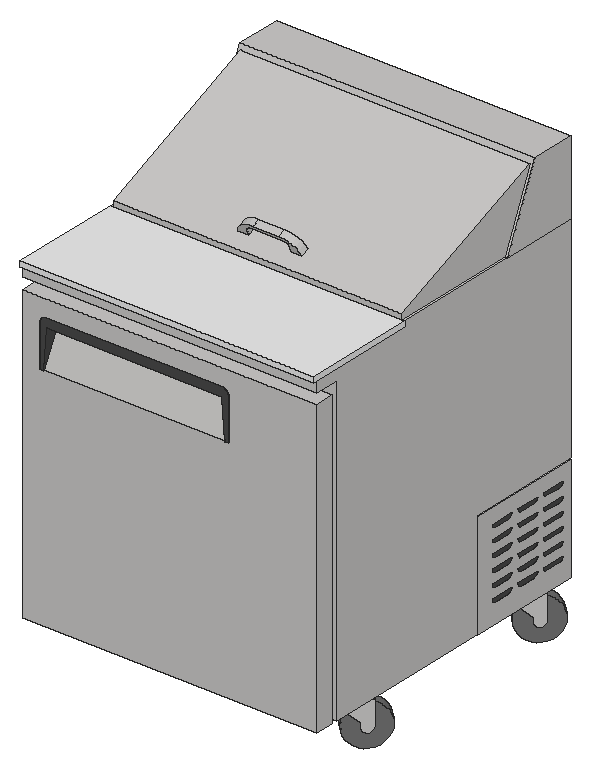
Revit family "QF_Turbo Air_MST-28b4a114b1-94aa-4615-a2e3-219784197c7b", category Specialty Equipment, Revit 2012
Parameters
  Weight in Pounds = 198
  Watermarked By = "http://revitwatermark.com"
  Volts = 115 V
  URL Cutsheet = ""
  URL = "www.turboairinc.com"
  Status [instance] = ""
  Specification by User [instance] = ""
  Specification by Manufacturer [instance] = ""
  Serial Number [instance] = ""
  Revision Code [instance] = ""
  Phase = 1
  Number of Poles [instance] = 1
  NAFEM Spec ID Number [instance] = ""
  Model = "MST-28"
  Masterspec [instance] = ""
  Manufacturer = "Turbo Air"  # constant formula
  Legs [instance] = [6 inch Legs]  # no
  Item Number [instance] = "-"
  Installed By [instance] = ""
  HP = "1/4"
  Furnished By [instance] = ""
  Foodservice Equipment Identifier = yes
  FL Amps = 3.3 A
  Electrical Remarks [instance] = ""
  Electric Connection Type [instance] = ""
  Elec Conn RI Height [instance] = 0' - 0"
  Elec Conn Connection Height = 1' - 0"
  Description = "Sandwich/Salad Unit"
  Cycle = 60 Hz
  Conn Plug = "NEMA 5-15P"
  Casters [instance] = not(Legs)  # yes
  CasterLeg Height [instance] = if([4 inch Casters], 0' 5", if([5 inch Casters], 0' 5 3/4", if([2_5 inch Casters], 0' 3 3/8", 0' 6")))  # 0' - 5"
  CSI MasterFormat = "11 41 13"
  Assembly Code = "E1090320"
  Apparent Power = if(Phase = 3, Volts * FL Amps * 1.73, Volts * FL Amps)  # 379.5 VA
  6 inch Legs [instance] = no
  5 inch Casters [instance] = no
  4 inch Casters [instance] = yes
  2_5 inch Casters [instance] = no
Reference planes (in)
  plane 1 "BACK": y = 0
  plane 2: z = 0
  plane 3 "LEFT": x = -20.78844
  plane 4 "Bottom": z = 5
  plane 5 "Back Stops": y = 1
  plane 6 "RIGHT": x = 6.71156
  plane 7 "Front of Lid": y = -19.375
  plane 8 "FRONT": y = -30
  plane 9 "Door Clearance": y = -55.375
  plane 10 "Back of Door": y = -27.875
  plane 11 "Front of Box": y = -27.375
  plane 12 "Counter Top": z = 35
  plane 13 "TOP": z = 42
  plane 14 "Top of Door": z = 32.5
  plane 15 "Bottom of Cutting Board": z = 34.5
  plane 16 "Left of Lid": x = -20.53844
  plane 17 "Right of Lid": x = 6.46156
  plane 18 "Handle LR": x = -7.03844
  plane 19 "Lid Clearance": z = 45.5
Forms (in)
  Extrusion 1, solid, material "QF_Finishes_Stainless Steel"
    sketch origin (-20.78844, 0, 0) x (0, 1, 0) y (0, 0, 1)
      loop
        line (0, 5) -> (0, 35) -> (-19.375, 35) -> (-19.375, 34.5) -> (-29.625, 34.5) -> (-29.625, 33.5) -> (-27.375, 33.5) -> (-27.375, 5) -> (0, 5)
    from 0 to 27.5
  Extrusion 2, solid, material "QF_Finishes_Black"
    sketch origin (0, -27.375, 0) x (1, 0, 0) y (0, 0, 1)
      loop
        line (-19.78844, 31.5) -> (-19.78844, 6) -> (5.71156, 6) -> (5.71156, 31.5) -> (-19.78844, 31.5)
    from 0 to 0.5
  Extrusion 3, solid, material "QF_Finishes_Stainless Steel"
    sketch origin (-20.78844, 0, 0) x (0, 1, 0) y (0, 0, 1)
      loop
        line (0, 35) -> (0, 42) -> (-4.25, 42) -> (-7.375, 35) -> (0, 35)
    from 0 to 27.5
  Extrusion 4, solid, material "QF_Finishes_White"
    sketch origin (0, 0, 34.5) x (0, 1, 0) y (-1, 0, 0)
      loop
        line (-19.375, 20.78844) -> (-30, 20.78844) -> (-30, -6.71156) -> (-19.375, -6.71156) -> (-19.375, 20.78844)
    from 0 to 0.5
  Extrusion 5, solid, material "QF_Finishes_Stainless Steel"
    sketch origin (-20.53844, 0, 0) x (0, 1, 0) y (0, 0, 1)
      loop
        line (-19.375, 35) -> (-7.375, 35) -> (-4.45383, 41.54343) -> (-19.375, 35.5) -> (-19.375, 35)
    from 0 to 27
  Extrusion 6, solid, material "QF_Finishes_Stainless Steel"
    sketch origin (-8.25, -2.56728, -1.00345) x (1, 0, 0) y (0, -0.375401, 0.926862)
      loop
        line (3.21156, 40.14331) -> (4.21156, 40.14331)
        arc (4.21156, 40.14331) -> (3.53685, 41.04872) -> (2.46156, 41.39331) r 1.85
        line (2.46156, 41.39331) -> (-0.03844, 41.39331)
        arc (-0.03844, 41.39331) -> (-1.11373, 41.04872) -> (-1.78844, 40.14331) r 1.85
        line (-1.78844, 40.14331) -> (-0.78844, 40.14331) -> (-0.78844, 40.64331)
        arc (-0.78844, 40.64331) -> (-0.64199, 40.99687) -> (-0.28844, 41.14331) r 0.5
        line (-0.28844, 41.14331) -> (2.71156, 41.14331)
        arc (2.71156, 41.14331) -> (3.06511, 40.99687) -> (3.21156, 40.64331) r 0.5
        line (3.21156, 40.64331) -> (3.21156, 40.14331)
    from -0.375 to 0.375
  Extrusion 7, solid, material "QF_Finishes_Clearances", detail levels coarse
    sketch origin (-20.53844, -47.10516, 30.9878) x (0, -0.107999, -0.994151) y (0, 0.994151, -0.107999)
      loop
        arc (-18.50215, 35.94217) -> (-14.82668, 29.22878) -> (-7.48065, 27.08065) r 10
        line (-7.48065, 27.08065) -> (-15.10021, 41.26186) -> (-18.50215, 36.44217) -> (-18.50215, 35.94217)
    from 0 to 27
  Extrusion 8, void
    sketch origin (6.71156, 0, 0) x (0, 1, 0) y (0, 0, 1)
      loop
        line (0, 5) -> (0, 15) -> (-11, 15) -> (-11, 5) -> (0, 5)
    from 0 to -1
  Extrusion 9, solid, material "QF_Finishes_Stainless Steel"
    sketch origin (6.71156, 0, 0) x (0, 1, 0) y (0, 0, 1)
      loop
        line (-10.875, 14.875) -> (-10.875, 5) -> (0, 5) -> (0, 14.875) -> (-10.875, 14.875)
      loop
        arc (-9.25, 13.5) -> (-9.10355, 13.14645) -> (-8.75, 13) r 0.5
        line (-8.75, 13) -> (-7.25, 13)
        arc (-7.25, 13) -> (-6.89645, 13.14645) -> (-6.75, 13.5) r 0.5
        line (-6.75, 13.5) -> (-9.25, 13.5)
      loop
        arc (-6.25, 13.5) -> (-6.10355, 13.14645) -> (-5.75, 13) r 0.5
        line (-5.75, 13) -> (-4.25, 13)
        arc (-4.25, 13) -> (-3.89645, 13.14645) -> (-3.75, 13.5) r 0.5
        line (-3.75, 13.5) -> (-6.25, 13.5)
      loop
        arc (-3.25, 13.5) -> (-3.10355, 13.14645) -> (-2.75, 13) r 0.5
        line (-2.75, 13) -> (-1.25, 13)
        arc (-1.25, 13) -> (-0.89645, 13.14645) -> (-0.75, 13.5) r 0.5
        line (-0.75, 13.5) -> (-3.25, 13.5)
      loop
        arc (-9.25, 12.25) -> (-9.10355, 11.89645) -> (-8.75, 11.75) r 0.5
        line (-8.75, 11.75) -> (-7.25, 11.75)
        arc (-7.25, 11.75) -> (-6.89645, 11.89645) -> (-6.75, 12.25) r 0.5
        line (-6.75, 12.25) -> (-9.25, 12.25)
      loop
        arc (-6.25, 12.25) -> (-6.10355, 11.89645) -> (-5.75, 11.75) r 0.5
        line (-5.75, 11.75) -> (-4.25, 11.75)
        arc (-4.25, 11.75) -> (-3.89645, 11.89645) -> (-3.75, 12.25) r 0.5
        line (-3.75, 12.25) -> (-6.25, 12.25)
      loop
        arc (-3.25, 12.25) -> (-3.10355, 11.89645) -> (-2.75, 11.75) r 0.5
        line (-2.75, 11.75) -> (-1.25, 11.75)
        arc (-1.25, 11.75) -> (-0.89645, 11.89645) -> (-0.75, 12.25) r 0.5
        line (-0.75, 12.25) -> (-3.25, 12.25)
      loop
        arc (-9.25, 11) -> (-9.10355, 10.64645) -> (-8.75, 10.5) r 0.5
        line (-8.75, 10.5) -> (-7.25, 10.5)
        arc (-7.25, 10.5) -> (-6.89645, 10.64645) -> (-6.75, 11) r 0.5
        line (-6.75, 11) -> (-9.25, 11)
      loop
        arc (-6.25, 11) -> (-6.10355, 10.64645) -> (-5.75, 10.5) r 0.5
        line (-5.75, 10.5) -> (-4.25, 10.5)
        arc (-4.25, 10.5) -> (-3.89645, 10.64645) -> (-3.75, 11) r 0.5
        line (-3.75, 11) -> (-6.25, 11)
      loop
        arc (-3.25, 11) -> (-3.10355, 10.64645) -> (-2.75, 10.5) r 0.5
        line (-2.75, 10.5) -> (-1.25, 10.5)
        arc (-1.25, 10.5) -> (-0.89645, 10.64645) -> (-0.75, 11) r 0.5
        line (-0.75, 11) -> (-3.25, 11)
      loop
        arc (-9.25, 9.75) -> (-9.10355, 9.39645) -> (-8.75, 9.25) r 0.5
        line (-8.75, 9.25) -> (-7.25, 9.25)
        arc (-7.25, 9.25) -> (-6.89645, 9.39645) -> (-6.75, 9.75) r 0.5
        line (-6.75, 9.75) -> (-9.25, 9.75)
      loop
        arc (-6.25, 9.75) -> (-6.10355, 9.39645) -> (-5.75, 9.25) r 0.5
        line (-5.75, 9.25) -> (-4.25, 9.25)
        arc (-4.25, 9.25) -> (-3.89645, 9.39645) -> (-3.75, 9.75) r 0.5
        line (-3.75, 9.75) -> (-6.25, 9.75)
      loop
        arc (-3.25, 9.75) -> (-3.10355, 9.39645) -> (-2.75, 9.25) r 0.5
        line (-2.75, 9.25) -> (-1.25, 9.25)
        arc (-1.25, 9.25) -> (-0.89645, 9.39645) -> (-0.75, 9.75) r 0.5
        line (-0.75, 9.75) -> (-3.25, 9.75)
      loop
        arc (-9.25, 8.5) -> (-9.10355, 8.14645) -> (-8.75, 8) r 0.5
        line (-8.75, 8) -> (-7.25, 8)
        arc (-7.25, 8) -> (-6.89645, 8.14645) -> (-6.75, 8.5) r 0.5
        line (-6.75, 8.5) -> (-9.25, 8.5)
      loop
        arc (-6.25, 8.5) -> (-6.10355, 8.14645) -> (-5.75, 8) r 0.5
        line (-5.75, 8) -> (-4.25, 8)
        arc (-4.25, 8) -> (-3.89645, 8.14645) -> (-3.75, 8.5) r 0.5
        line (-3.75, 8.5) -> (-6.25, 8.5)
      loop
        arc (-3.25, 8.5) -> (-3.10355, 8.14645) -> (-2.75, 8) r 0.5
        line (-2.75, 8) -> (-1.25, 8)
        arc (-1.25, 8) -> (-0.89645, 8.14645) -> (-0.75, 8.5) r 0.5
        line (-0.75, 8.5) -> (-3.25, 8.5)
      loop
        arc (-9.25, 7.25) -> (-9.10355, 6.89645) -> (-8.75, 6.75) r 0.5
        line (-8.75, 6.75) -> (-7.25, 6.75)
        arc (-7.25, 6.75) -> (-6.89645, 6.89645) -> (-6.75, 7.25) r 0.5
        line (-6.75, 7.25) -> (-9.25, 7.25)
      loop
        arc (-6.25, 7.25) -> (-6.10355, 6.89645) -> (-5.75, 6.75) r 0.5
        line (-5.75, 6.75) -> (-4.25, 6.75)
        arc (-4.25, 6.75) -> (-3.89645, 6.89645) -> (-3.75, 7.25) r 0.5
        line (-3.75, 7.25) -> (-6.25, 7.25)
      loop
        arc (-3.25, 7.25) -> (-3.10355, 6.89645) -> (-2.75, 6.75) r 0.5
        line (-2.75, 6.75) -> (-1.25, 6.75)
        arc (-1.25, 6.75) -> (-0.89645, 6.89645) -> (-0.75, 7.25) r 0.5
        line (-0.75, 7.25) -> (-3.25, 7.25)
    from 0 to -1
  Extrusion 10, solid, material "QF_Finishes_Black"
    sketch origin (6.71156, 0, 0) x (0, 1, 0) y (0, 0, 1)
      loop
        line (-9.875, 13.95221) -> (-9.875, 6.20221) -> (-0.375, 6.20221) -> (-0.375, 13.95221) -> (-9.875, 13.95221)
    from -0.125 to -1
  Extrusion 11, solid, material "QF_Finishes_Black"
    sketch origin (0, 0, 0) x (1, 0, 0) y (0, 0, 1)
      loop
        circle (-14.66344, 30.1875) r 0.5
      loop
        circle (0.58656, 30.1875) r 0.5
    from 0 to -1
  Extrusion 12, solid, material "QF_Finishes_Stainless Steel"
    sketch origin (0, 0, 0) x (1, 0, 0) y (0, 0, 1)
      loop
        circle (2.71156, 11.125) r 0.25
    from 0 to -0.0625
Cuts and joins
  Extrusion 8 cuts Extrusion 1
Lines and regions (in)
  symbolic lines
    curve 1: line (-20.78844, 0, 35) -> (6.71156, 0, 35)
    curve 2: line (-20.78844, -30, 35) -> (-20.78844, 0, 35)
    curve 3: line (6.71156, -30, 35) -> (-20.78844, -30, 35)
    curve 4: line (6.71156, 0, 35) -> (6.71156, -30, 35)
    curve 5: line (-20.78844, -19.375, 35) -> (6.71156, -19.375, 35)
    curve 6: line (-20.78844, -4.25, 35) -> (6.71156, -4.25, 35)
    curve 7: line (0.08656, 1, 35) -> (1.08656, 1, 35)
    curve 8: line (-15.16344, 1, 35) -> (-14.16344, 1, 35)
    curve 9: line (-15.16344, 1, 35) -> (-15.16344, 0, 35)
    curve 10: line (-14.16344, 1, 35) -> (-14.16344, 0, 35)
    curve 11: line (0.08656, 1, 35) -> (0.08656, 0, 35)
    curve 12: line (1.08656, 1, 35) -> (1.08656, 0, 35)
    curve 13: line (-9.03844, -17.28956, 35) -> (-10.03844, -17.28956, 35)
    curve 14: line (-10.03844, -17.28956, 35) -> (-10.03844, -17.98471, 35)
    curve 15: line (-9.03844, -17.47726, 35) -> (-9.03844, -17.28956, 35)
    curve 16: line (-5.78844, -18.45396, 35) -> (-8.28844, -18.45396, 35)
    curve 17: line (-5.53844, -17.66496, 35) -> (-8.53844, -17.66496, 35)
    curve 18: line (-5.03844, -17.28956, 35) -> (-5.03844, -17.47726, 35)
    curve 19: line (-4.03844, -17.28956, 35) -> (-5.03844, -17.28956, 35)
    curve 20: line (-4.03844, -17.98471, 35) -> (-4.03844, -17.28956, 35)
    curve 21: spline (-4.03844, -17.98471, 35) -> (-4.1097, -18.0513, 35) -> (-4.19888, -18.11477, 35) -> (-4.30503, -18.17445, 35) -> (-4.42702, -18.2297, 35) -> (-4.56355, -18.27993, 35) -> (-4.71315, -18.3246, 35) -> (-4.87423, -18.36324, 35) -> (-5.04508, -18.39543, 35) -> (-5.22386, -18.42083, 35) -> (-5.40867, -18.43917, 35) -> (-5.59754, -18.45025, 35) -> (-5.78844, -18.45396, 35)
    curve 22: spline (-8.53844, -17.66496, 35) -> (-8.6037, -17.66336, 35) -> (-8.66785, -17.65857, 35) -> (-8.72978, -17.65067, 35) -> (-8.78844, -17.63981, 35) -> (-8.84282, -17.62617, 35) -> (-8.89199, -17.60998, 35) -> (-8.93512, -17.59153, 35) -> (-8.97145, -17.57111, 35) -> (-9.00038, -17.54909, 35) -> (-9.0214, -17.52584, 35) -> (-9.03416, -17.50176, 35) -> (-9.03844, -17.47726, 35)
    curve 23: spline (-5.03844, -17.47726, 35) -> (-5.04272, -17.50176, 35) -> (-5.05548, -17.52584, 35) -> (-5.0765, -17.54909, 35) -> (-5.10543, -17.57111, 35) -> (-5.14176, -17.59153, 35) -> (-5.18489, -17.60998, 35) -> (-5.23406, -17.62617, 35) -> (-5.28844, -17.63981, 35) -> (-5.3471, -17.65067, 35) -> (-5.40903, -17.65857, 35) -> (-5.47318, -17.66336, 35) -> (-5.53844, -17.66496, 35)
    curve 24: spline (-8.28844, -18.45396, 35) -> (-8.47934, -18.45025, 35) -> (-8.66821, -18.43917, 35) -> (-8.85302, -18.42083, 35) -> (-9.0318, -18.39543, 35) -> (-9.20265, -18.36324, 35) -> (-9.36373, -18.3246, 35) -> (-9.51333, -18.27993, 35) -> (-9.64986, -18.2297, 35) -> (-9.77185, -18.17445, 35) -> (-9.878, -18.11477, 35) -> (-9.96718, -18.0513, 35) -> (-10.03844, -17.98471, 35)
  symbolic lines, style "QF_Clearances", detail levels coarse
    curve 25: line (6.71156, -30, 35) -> (6.71156, -55.375, 35)
    curve 26: arc (6.71156, -55.375, 35) -> (-11.96747, -48.05776, 35) -> (-20.70621, -30, 35) r 27.5
  symbolic lines, style "QF_Surface Details"
    curve 27: line (-20.16344, -10.41441, 35) -> (-20.16344, -6.42258, 35)
    curve 28: line (-14.16344, -10.41441, 35) -> (-14.16344, -6.42258, 35)
    curve 29: line (-15.16344, -5.42258, 35) -> (-19.16344, -5.42258, 35)
    curve 30: line (-15.16344, -11.41441, 35) -> (-19.16344, -11.41441, 35)
    curve 31: arc (-19.16344, -5.42258, 35) -> (-19.87055, -5.71547, 35) -> (-20.16344, -6.42258, 35) r 1
    curve 32: arc (-15.16344, -5.42258, 35) -> (-14.45633, -5.71547, 35) -> (-14.16344, -6.42258, 35) r 1
    curve 33: arc (-14.16344, -10.41441, 35) -> (-14.45633, -11.12152, 35) -> (-15.16344, -11.41441, 35) r 1
    curve 34: arc (-19.16344, -11.41441, 35) -> (-19.87055, -11.12152, 35) -> (-20.16344, -10.41441, 35) r 1
    curve 35: line (-7.41344, -10.41441, 35) -> (-7.41344, -6.42258, 35)
    curve 36: line (-13.41344, -10.41441, 35) -> (-13.41344, -6.42258, 35)
    curve 37: line (-12.41344, -5.42258, 35) -> (-8.41344, -5.42258, 35)
    curve 38: line (-12.41344, -11.41441, 35) -> (-8.41344, -11.41441, 35)
    curve 39: arc (-8.41344, -5.42258, 35) -> (-7.70633, -5.71547, 35) -> (-7.41344, -6.42258, 35) r 1
    curve 40: arc (-12.41344, -5.42258, 35) -> (-13.12055, -5.71547, 35) -> (-13.41344, -6.42258, 35) r 1
    curve 41: arc (-13.41344, -10.41441, 35) -> (-13.12055, -11.12152, 35) -> (-12.41344, -11.41441, 35) r 1
    curve 42: arc (-8.41344, -11.41441, 35) -> (-7.70633, -11.12152, 35) -> (-7.41344, -10.41441, 35) r 1
    curve 43: line (-20.16344, -13.41441, 35) -> (-20.16344, -17.40625, 35)
    curve 44: line (-14.16344, -13.41441, 35) -> (-14.16344, -17.40625, 35)
    curve 45: line (-15.16344, -18.40625, 35) -> (-19.16344, -18.40625, 35)
    curve 46: line (-15.16344, -12.41441, 35) -> (-19.16344, -12.41441, 35)
    curve 47: arc (-19.16344, -18.40625, 35) -> (-19.87055, -18.11336, 35) -> (-20.16344, -17.40625, 35) r 1
    curve 48: arc (-15.16344, -18.40625, 35) -> (-14.45633, -18.11336, 35) -> (-14.16344, -17.40625, 35) r 1
    curve 49: arc (-14.16344, -13.41441, 35) -> (-14.45633, -12.70731, 35) -> (-15.16344, -12.41441, 35) r 1
    curve 50: arc (-19.16344, -12.41441, 35) -> (-19.87055, -12.70731, 35) -> (-20.16344, -13.41441, 35) r 1
    curve 51: line (-7.41344, -13.41441, 35) -> (-7.41344, -17.40625, 35)
    curve 52: line (-13.41344, -13.41441, 35) -> (-13.41344, -17.40625, 35)
    curve 53: line (-12.41344, -18.40625, 35) -> (-8.41344, -18.40625, 35)
    curve 54: line (-12.41344, -12.41441, 35) -> (-8.41344, -12.41441, 35)
    curve 55: arc (-8.41344, -18.40625, 35) -> (-7.70633, -18.11336, 35) -> (-7.41344, -17.40625, 35) r 1
    curve 56: arc (-12.41344, -18.40625, 35) -> (-13.12055, -18.11336, 35) -> (-13.41344, -17.40625, 35) r 1
    curve 57: arc (-13.41344, -13.41441, 35) -> (-13.12055, -12.70731, 35) -> (-12.41344, -12.41441, 35) r 1
    curve 58: arc (-8.41344, -12.41441, 35) -> (-7.70633, -12.70731, 35) -> (-7.41344, -13.41441, 35) r 1
    curve 59: line (6.08656, -10.41441, 35) -> (6.08656, -6.42258, 35)
    curve 60: line (0.08656, -10.41441, 35) -> (0.08656, -6.42258, 35)
    curve 61: line (1.08656, -5.42258, 35) -> (5.08656, -5.42258, 35)
    curve 62: line (1.08656, -11.41441, 35) -> (5.08656, -11.41441, 35)
    curve 63: arc (5.08656, -5.42258, 35) -> (5.79367, -5.71547, 35) -> (6.08656, -6.42258, 35) r 1
    curve 64: arc (1.08656, -5.42258, 35) -> (0.37945, -5.71547, 35) -> (0.08656, -6.42258, 35) r 1
    curve 65: arc (0.08656, -10.41441, 35) -> (0.37945, -11.12152, 35) -> (1.08656, -11.41441, 35) r 1
    curve 66: arc (5.08656, -11.41441, 35) -> (5.79367, -11.12152, 35) -> (6.08656, -10.41441, 35) r 1
    curve 67: line (-6.66344, -10.41441, 35) -> (-6.66344, -6.42258, 35)
    curve 68: line (-0.66344, -10.41441, 35) -> (-0.66344, -6.42258, 35)
    curve 69: line (-1.66344, -5.42258, 35) -> (-5.66344, -5.42258, 35)
    curve 70: line (-1.66344, -11.41441, 35) -> (-5.66344, -11.41441, 35)
    curve 71: arc (-5.66344, -5.42258, 35) -> (-6.37055, -5.71547, 35) -> (-6.66344, -6.42258, 35) r 1
    curve 72: arc (-1.66344, -5.42258, 35) -> (-0.95633, -5.71547, 35) -> (-0.66344, -6.42258, 35) r 1
    curve 73: arc (-0.66344, -10.41441, 35) -> (-0.95633, -11.12152, 35) -> (-1.66344, -11.41441, 35) r 1
    curve 74: arc (-5.66344, -11.41441, 35) -> (-6.37055, -11.12152, 35) -> (-6.66344, -10.41441, 35) r 1
    curve 75: line (6.08656, -13.41441, 35) -> (6.08656, -17.40625, 35)
    curve 76: line (0.08656, -13.41441, 35) -> (0.08656, -17.40625, 35)
    curve 77: line (1.08656, -18.40625, 35) -> (5.08656, -18.40625, 35)
    curve 78: line (1.08656, -12.41441, 35) -> (5.08656, -12.41441, 35)
    curve 79: arc (5.08656, -18.40625, 35) -> (5.79367, -18.11336, 35) -> (6.08656, -17.40625, 35) r 1
    curve 80: arc (1.08656, -18.40625, 35) -> (0.37945, -18.11336, 35) -> (0.08656, -17.40625, 35) r 1
    curve 81: arc (0.08656, -13.41441, 35) -> (0.37945, -12.70731, 35) -> (1.08656, -12.41441, 35) r 1
    curve 82: arc (5.08656, -12.41441, 35) -> (5.79367, -12.70731, 35) -> (6.08656, -13.41441, 35) r 1
    curve 83: line (-6.66344, -13.41441, 35) -> (-6.66344, -17.40625, 35)
    curve 84: line (-0.66344, -13.41441, 35) -> (-0.66344, -17.40625, 35)
    curve 85: line (-1.66344, -18.40625, 35) -> (-5.66344, -18.40625, 35)
    curve 86: line (-1.66344, -12.41441, 35) -> (-5.66344, -12.41441, 35)
    curve 87: arc (-5.66344, -18.40625, 35) -> (-6.37055, -18.11336, 35) -> (-6.66344, -17.40625, 35) r 1
    curve 88: arc (-1.66344, -18.40625, 35) -> (-0.95633, -18.11336, 35) -> (-0.66344, -17.40625, 35) r 1
    curve 89: arc (-0.66344, -13.41441, 35) -> (-0.95633, -12.70731, 35) -> (-1.66344, -12.41441, 35) r 1
    curve 90: arc (-5.66344, -12.41441, 35) -> (-6.37055, -12.70731, 35) -> (-6.66344, -13.41441, 35) r 1
Dimensions and locks (in)
  "CasterLeg Height": plane 4 "Bottom" to plane 2
  locked: plane 1 "BACK" to plane 5 "Back Stops" at 1
  locked: plane 6 "RIGHT" to plane 3 "LEFT" at 27.5
  locked: plane 7 "Front of Lid" to plane 1 "BACK" at 19.375
  locked: plane 8 "FRONT" to plane 1 "BACK" at 30
  locked: plane 10 "Back of Door" to plane 1 "BACK" at 27.875
  locked: plane 10 "Back of Door" to plane 11 "Front of Box" at 0.5
  locked: plane 9 "Door Clearance" to plane 1 "BACK" at 55.375
  locked: plane 13 "TOP" to plane 12 "Counter Top" at 7
  locked: plane 12 "Counter Top" to plane 4 "Bottom" at 30
  locked: plane 12 "Counter Top" to plane 15 "Bottom of Cutting Board" at 0.5
  locked: plane 14 "Top of Door" to plane 4 "Bottom" at 27.5
  locked: plane 14 "Top of Door" to Extrusion 2 sketch curve at 1
  locked: Extrusion 2 sketch curve to plane 3 "LEFT" at 1
  locked: Extrusion 2 sketch curve to plane 4 "Bottom" at 1
  locked: Extrusion 2 sketch curve to plane 6 "RIGHT" at 1
  locked: plane 1 "BACK" to Extrusion 3 sketch curve at 4.25
  locked: plane 1 "BACK" to Extrusion 3 sketch curve at 7.375
  locked: plane 3 "LEFT" to plane 16 "Left of Lid" at 0.25
  locked: plane 17 "Right of Lid" to plane 6 "RIGHT" at 0.25
  equal spacing: plane 16 "Left of Lid", plane 18 "Handle LR", plane 17 "Right of Lid"
  locked: plane 19 "Lid Clearance" to plane 12 "Counter Top" at 10.5
  locked: Extrusion 5 sketch curve to plane 12 "Counter Top" at 0.5
  locked: plane 13 "TOP" to Extrusion 5 sketch curve at 0.45657
  locked: plane 1 "BACK" to Extrusion 5 sketch curve at 4.45383
  locked: plane 1 "BACK" to Extrusion 5 sketch curve at 7.375
  locked: Extrusion 6 to plane 12 "Counter Top" at 2.22168
  locked: Extrusion 6 to plane 12 "Counter Top" at 2.50323
  locked: plane 13 "TOP" to Extrusion 7 sketch curve at 0.45657
  locked: plane 19 "Lid Clearance" to Extrusion 7 sketch curve at 0.054
  locked: Extrusion 8 sketch curve to plane 1 "BACK" at 11
  locked: Extrusion 8 sketch curve to plane 4 "Bottom" at 10
  locked: plane 4 "Bottom" to Extrusion 9 sketch curve at 9.875
  locked: Extrusion 9 sketch curve to plane 1 "BACK" at 10.875
  locked: Extrusion 10 sketch curve to Extrusion 10 sketch curve at 7.75
  locked: Extrusion 10 sketch curve to plane 4 "Bottom" at 1.20221
  locked: Extrusion 10 sketch curve to Extrusion 10 sketch curve at 9.5
  locked: Extrusion 10 sketch curve to plane 1 "BACK" at 0.375
  locked: nested 1 to plane 1 "BACK" at 2.5625
  locked: plane 3 "LEFT" to nested 1 at 2.5
  locked: plane 3 "LEFT" to nested 2 at 2.5
  locked: plane 11 "Front of Box" to nested 2 at 4.625
  locked: nested 3 to plane 6 "RIGHT" at 2.5
  locked: nested 4 to plane 6 "RIGHT" at 2.5
  locked: plane 11 "Front of Box" to nested 4 at 4.625
  locked: nested 3 to plane 1 "BACK" at 2.5625
  locked: plane 12 "Counter Top" to Extrusion 11 sketch curve at 4.8125  (x2)
  locked: plane 6 "RIGHT" to Extrusion 11 sketch curve at 6.125
  locked: Extrusion 11 sketch curve to plane 3 "LEFT" at 6.125
  locked: Extrusion 12 sketch curve to plane 4 "Bottom" at 6.125
  locked: plane 6 "RIGHT" to Extrusion 12 sketch curve at 4
  locked: Extrusion 1 sketch curve to plane 15 "Bottom of Cutting Board" at 1
  locked: Extrusion 1 sketch curve to plane 8 "FRONT" at 0.375
  aligned and locked: level to plane 2
  aligned and locked: Extrusion 1 sketch curve to plane 1 "BACK"
  aligned and locked: Extrusion 1 sketch curve to plane 4 "Bottom"
  aligned and locked: plane 11 "Front of Box" to Extrusion 1 sketch curve
  aligned and locked: plane 6 "RIGHT" to Extrusion 1
  aligned and locked: plane 10 "Back of Door" to Extrusion 2
  aligned and locked: Extrusion 1 sketch curve to plane 12 "Counter Top"
  aligned and locked: Extrusion 3 sketch curve to plane 13 "TOP"
  aligned and locked: plane 1 "BACK" to Extrusion 3 sketch curve
  aligned and locked: Extrusion 3 sketch curve to plane 12 "Counter Top"
  aligned and locked: plane 6 "RIGHT" to Extrusion 3
  aligned and locked: plane 7 "Front of Lid" to Extrusion 4 sketch curve
  aligned and locked: plane 3 "LEFT" to Extrusion 4 sketch curve
  aligned and locked: Extrusion 4 sketch curve to plane 8 "FRONT"
  aligned and locked: Extrusion 4 sketch curve to plane 6 "RIGHT"
  aligned and locked: plane 12 "Counter Top" to Extrusion 4
  aligned and locked: plane 12 "Counter Top" to Extrusion 5 sketch curve
  aligned and locked: plane 7 "Front of Lid" to Extrusion 5 sketch curve
  aligned and locked: plane 17 "Right of Lid" to Extrusion 5
  aligned and locked: Extrusion 6 to Extrusion 5
  aligned and locked: plane 7 "Front of Lid" to Extrusion 7 sketch curve
  aligned and locked: plane 19 "Lid Clearance" to Extrusion 7 sketch curve
  aligned and locked: plane 17 "Right of Lid" to Extrusion 7
  aligned and locked: Extrusion 8 sketch curve to plane 1 "BACK"
  aligned and locked: Extrusion 8 sketch curve to plane 4 "Bottom"
  aligned and locked: Extrusion 11 to plane 5 "Back Stops"
  aligned and locked: plane 1 "BACK" to curve 1
  aligned and locked: curve 4 to plane 6 "RIGHT"
  aligned and locked: plane 3 "LEFT" to curve 2
  aligned and locked: curve 3 to plane 8 "FRONT"
  aligned and locked: curve 7 to Extrusion 11
  aligned and locked: curve 8 to Extrusion 11
  aligned and locked: curve 13 to Extrusion 6
  aligned and locked: curve 14 to Extrusion 6
  aligned and locked: Extrusion 6 to curve 15
  aligned and locked: curve 16 to Extrusion 6
  aligned and locked: curve 17 to Extrusion 6
  aligned and locked: curve 18 to Extrusion 6
  aligned and locked: curve 19 to Extrusion 6
  aligned and locked: curve 20 to Extrusion 6
  aligned and locked: Extrusion 1 sketch curve to plane 7 "Front of Lid"
  aligned and locked: plane 15 "Bottom of Cutting Board" to Extrusion 1 sketch curve
  aligned and locked: nested 5 to plane 4 "Bottom"
Automatic sketch dimensions
  plane 1 "BACK" to Extrusion 7 sketch curve = 0' - 8.87792"
  Extrusion 7 sketch curve to Extrusion 7 sketch curve = 0' - 3.40194"
  Extrusion 7 sketch curve to Extrusion 7 sketch curve = 0' - 6.53957"
  Extrusion 7 sketch curve to Extrusion 7 sketch curve = 0' - 1.07999"
  Extrusion 9 sketch curve to plane 1 "BACK" = 0' - 0"
  Extrusion 9 sketch curve to plane 4 "Bottom" = 0' - 0"
  Extrusion 9 sketch curve to Extrusion 9 sketch curve = 0' - 1 5/8"
  Extrusion 9 sketch curve to Extrusion 9 sketch curve = 0' - 0"  (x16)
  Extrusion 9 sketch curve to Extrusion 9 sketch curve = 0' - 0 1/2"  (x31)
  Extrusion 9 sketch curve to Extrusion 9 sketch curve = 0' - 1 1/2"  (x4)
  plane 1 "BACK" to Extrusion 9 sketch curve = 0' - 1 1/4"  (x3)
  plane 4 "Bottom" to Extrusion 9 sketch curve = 0' - 1 3/4"  (x2)
  Extrusion 9 sketch curve to Extrusion 9 sketch curve = 0' - 0 3/4"  (x15)
  Extrusion 6 sketch curve to plane 18 "Handle LR" = 0' - 3"
  Extrusion 6 sketch curve to Extrusion 6 sketch curve = 0' - 1"  (x2)
  Extrusion 6 sketch curve to Extrusion 6 sketch curve = 0' - 0 1/2"  (x3)
  Extrusion 6 sketch curve to Extrusion 6 sketch curve = 0' - 0 3/4"
  plane 18 "Handle LR" to Extrusion 6 sketch curve = 0' - 1 1/4"
  Extrusion 6 sketch curve to Extrusion 6 sketch curve = 0' - 0 1/4"
  Extrusion 6 sketch curve to Extrusion 6 sketch curve = 0' - 0"
  Extrusion 6 sketch curve to Extrusion 6 sketch curve = 0' - 0.6"
  plane 9 "Door Clearance" to curve 25 = 0' - 0"
  plane 10 "Back of Door" to curve 26 = 0' - 0"
  plane 7 "Front of Lid" to curve 5 = 0' - 0"
  curve 16 to curve 87 = 0' - 0.04771"
  curve 56 to plane 7 "Front of Lid" = 0' - 0 31/32"
  curve 47 to plane 7 "Front of Lid" = 0' - 0 31/32"
  curve 80 to plane 7 "Front of Lid" = 0' - 0 31/32"
  curve 21 to curve 19 = 0' - 0.69515"
  curve 24 to curve 13 = 0' - 0.69515"
  curve 21 to curve 23 = 0' - 0.0945"
  curve 24 to curve 21 = 0' - 0"
  curve 22 to curve 22 = 0' - 0.1877"
  curve 23 to curve 18 = 0' - 0.1877"
  curve 22 to curve 55 = 0' - 0.07101"
  curve 53 to curve 52 = 0' - 1"
  curve 47 to curve 47 = 0' - 1"
  curve 48 to curve 56 = 0' - 0"
  curve 24 to curve 83 = 0' - 0.35322"
  curve 85 to curve 84 = 0' - 1"
  curve 88 to curve 80 = 0' - 0"
  curve 79 to plane 17 "Right of Lid" = 0' - 0 3/8"
  curve 79 to curve 79 = 0' - 1"
  curve 80 to curve 81 = 0' - 3.99184"
  curve 56 to curve 57 = 0' - 3.99184"
  curve 58 to plane 18 "Handle LR" = 0' - 1 3/8"
  curve 13 to curve 58 = 0' - 3.87515"
  plane 16 "Left of Lid" to curve 50 = 0' - 0 3/8"
  curve 43 to curve 50 = 0' - 3.99184"
  curve 49 to curve 52 = 0' - 0"
  curve 82 to plane 17 "Right of Lid" = 0' - 1 3/8"
  curve 79 to curve 82 = 0' - 3.99184"
  plane 18 "Handle LR" to curve 83 = 0' - 0 3/8"
  curve 58 to curve 83 = 0' - 0"
  curve 84 to curve 76 = 0' - 0"
  curve 57 to curve 57 = 0' - 1"
  curve 49 to curve 46 = 0' - 1"
  curve 90 to curve 90 = 0' - 1"
  curve 54 to curve 38 = 0' - 1"
  curve 78 to curve 62 = 0' - 1"
  curve 86 to curve 70 = 0' - 1"
  curve 46 to curve 30 = 0' - 1"
  curve 30 to curve 33 = 0' - 1"
  curve 30 to curve 34 = 0' - 1"
  curve 59 to plane 17 "Right of Lid" = 0' - 0 3/8"
  curve 62 to curve 59 = 0' - 1"
  plane 18 "Handle LR" to curve 74 = 0' - 0 3/8"
  curve 74 to curve 74 = 0' - 1"
  curve 65 to curve 60 = 0' - 1"
  curve 35 to plane 18 "Handle LR" = 0' - 0 3/8"
  curve 35 to curve 74 = 0' - 0"
  curve 33 to curve 36 = 0' - 0"
  curve 73 to curve 65 = 0' - 0"
  curve 60 to curve 64 = 0' - 3.99184"
  curve 74 to curve 67 = 0' - 3.99184"
  curve 41 to curve 40 = 0' - 3.99184"
  curve 68 to curve 64 = 0' - 0"
  curve 39 to curve 67 = 0' - 0"
  curve 59 to curve 63 = 0' - 3.99184"
  plane 16 "Left of Lid" to curve 27 = 0' - 0 3/8"
  curve 27 to curve 27 = 0' - 3.99184"
  curve 28 to curve 40 = 0' - 0"
  curve 32 to curve 32 = 0' - 1"
  curve 64 to curve 61 = 0' - 1"
  curve 40 to curve 37 = 0' - 1"
  curve 72 to curve 72 = 0' - 1"
  curve 29 to curve 6 = 0' - 1.17258"
  curve 66 to curve 62 = 0' - 4"
  curve 79 to curve 80 = 0' - 4"
  curve 12 to plane 17 "Right of Lid" = 0' - 5 3/8"
  curve 7 to curve 7 = 0' - 1"
  curve 80 to curve 84 = 0' - 0 3/4"
  curve 64 to curve 68 = 0' - 0 3/4"
  curve 21 to curve 20 = 0' - 0.1"
  curve 23 to curve 87 = 0' - 0 1/8"
  curve 24 to curve 83 = 0' - 0.225"
  curve 22 to curve 24 = 0' - 0 1/4"
  curve 14 to curve 56 = 0' - 2 3/8"
  curve 37 to curve 37 = 0' - 4"
  curve 56 to curve 44 = 0' - 0 3/4"
  plane 16 "Left of Lid" to curve 8 = 0' - 6 3/8"
  curve 36 to curve 33 = 0' - 0 3/4"
  curve 10 to curve 9 = 0' - 1"
  radius of Extrusion 11 sketch curve = 0' - 0 1/2"  (x2)
  radius of Extrusion 12 sketch curve = 0' - 0 1/4"
Nested families (in)
  nested 1: "FESCasterLeg" at (-18.28844, -2.5625, 0), Legs <- "Legs", Casters <- "Casters", Height <- "CasterLeg Height", type "FESCasterLeg"
    with Legs no, Height 0' - 5", Casters yes, Caster Radius 0' - 2"
  nested 2: "FESCasterLeg" at (-18.28844, -22.75, 0), Legs <- "Legs", Casters <- "Casters", Height <- "CasterLeg Height", type "FESCasterLeg"
    with Legs no, Height 0' - 5", Casters yes, Caster Radius 0' - 2"
  nested 3: "FESCasterLeg" at (4.21156, -2.5625, 0), Legs <- "Legs", Casters <- "Casters", Height <- "CasterLeg Height", type "FESCasterLeg"
    with Legs no, Height 0' - 5", Casters yes, Caster Radius 0' - 2"
  nested 4: "FESCasterLeg" at (4.21156, -22.75, 0), Legs <- "Legs", Casters <- "Casters", Height <- "CasterLeg Height", type "FESCasterLeg"
    with Legs no, Height 0' - 5", Casters yes, Caster Radius 0' - 2"
  nested 5: "QF_Turbo Air_TBL_Door-1" at (-8.46511, -27.875, 5) x (-1, 0, 0) z (0, 0, 1), type "QF_Turbo Air_TBL_Door-1"
    with Width 2' - 3 1/2", Symbolic Lines no, Height 2' - 3 1/2", Depth 0' - 1 13/16"
Connectors (in)
  electrical at (2.71156, 0.0625, 11.125), driven by "Number of Poles", driven by "Volts", driven by "Apparent Power"
    settings: on Extrusion 12, index 1, voltage 115 V, apparent load 379.5 VA, apparent load phase1 0 VA, apparent load phase2 0 VA, apparent load phase3 0 VA, power factor 1, load classification "Other", number of poles 1, system type 30, power factor state 1, is connector primary yes, connector utility no, sub classification motor no, connector description ""
Definition of nested family "FESCasterLeg"
  Parameters (values of type "FESCasterLeg")
    Watermarked By = "http://revitwatermark.com"
    Type Comments = "⍁⍉⌁⌀⏭⎽⌇⍠⌜⍉⎖⌥⌦⌯⍭⏊⍻⍿⍊⏵⍊⏗⏠⍴⎡⌈⎀⍠⌓⌤⏘⎐⍀⌐⏬⏁⎈⏍⏦⎒⏬⌝⍩⍇⌣〈⎫〉⎁⏊⍥⍖⍥⍝⍦⌖⍀⏌⏭⎝⎼⏷⏞⍻⏯⎽⏷⏞⍻⏯⎽⏷⎺⌻⎝⍎⌧⏷⏟⏿⌿⍜⍦⍤⌁⍬⏶⏎⍊⏚⏉⎞⌡⎀⎪⏈⌟⌿⍾⍼⌟⌿⌢⌞⏜⏝⎽⍷⍷⍯⍧⍷⌯⍽⏸⏨⏾⏎⌣⏺⍹⏼⏅⎏⌽⎫⎪⍙⎓⏗⎗⏅⌴⍏⍏⍿⏑⎺⍘⌭⏲⍥⎛⎾⎾⍞⍌⎪⎲⌙⎥⏏⎟⎟⏼⏘⎏⎝⏧⏍⏁⍏⍧⏯⏾⌟"
    Legs [instance] = yes
    Height [instance] = 0' - 6"
    Caster Radius [instance] = if(Height < 0' 3", 0' 1", (Height / 2) - 0' 0 1/2")  # 0' - 2 1/2"
    Casters [instance] = yes
    Assembly Code = ""
  Reference planes (in)
    plane 1 "Center (Front/Back)": y = 0
    plane 2: z = 0
    plane 3 "Center (Left/Right)": x = 0
    plane 4: z = 6
    plane 5: z = 5.5
  Forms (in)
    Extrusion 1, solid, material "QF_Finishes_Stainless Steel", visible <- "Casters"
      sketch origin (-24.12131, -22.88887, 10.18833) x (0.707107, 0.707107, 0) y (0, 0, 1)
        loop
          line (34.98772, -7.68833) -> (34.98772, -4.93833) -> (34.48772, -4.93833) -> (34.39402, -4.68833) -> (32.39402, -4.68833) -> (32.39402, -5.43833) -> (33.98772, -7.34206) -> (33.98772, -7.68833)
          arc (33.98772, -7.68833) -> (34.48772, -8.18833) -> (34.98772, -7.68833) r 0.5
      from 0 to 1.75
    Extrusion 2, solid, material "QF_Finishes_Rubber Black", visible <- "Casters"
      sketch origin (-24.32327, -23.09083, 13.31461) x (0.707107, 0.707107, 0) y (0, 0, 1)
        loop
          circle (34.77334, -10.81461) r 2.5
      from 0.375 to 1.375
    Extrusion 3, solid, material "QF_Finishes_Stainless Steel", visible <- "Casters"
      sketch origin (-7.24148, -8.48391, 0) x (0.707107, 0.707107, 0) y (0, 0, 1)
        loop
          line (10.61603, 5.5) -> (11.61603, 5.5) -> (11.61603, 6) -> (10.61603, 6) -> (10.61603, 5.5)
      from 0 to -1.75
    Blend 4, solid, material "QF_Finishes_Stainless Steel", visible <- "Legs"
      base sketch origin (0, 0, 0) x (1, 0, 0) y (0, 1, 0)
        loop
          circle (0, 0) r 0.5
      top sketch origin (0, 0, 0) x (1, 0, 0) y (0, 1, 0)
        loop
          circle (0, 0) r 1
      from 0 to 6 <- "Height"
  Lines and regions (in)
    symbolic lines, style "QF_Hidden Details", visible <- "Casters", built-in parameter 1006206 <- "Casters"
      curve 1: line (-1.26158, -0.51911, 0) -> (1.39007, 2.13254, 0)
      curve 2: line (-0.53429, -1.24639, 0) -> (2.11736, 1.40526, 0)
    symbolic lines, style "QF_Hidden Details", built-in parameter 1006206 <- "Casters", visible <- "Casters"
      curve 3: line (-1.26158, -0.51911, 0) -> (1.39007, 2.13254, 0)
      curve 4: line (-0.53429, -1.24639, 0) -> (2.11736, 1.40526, 0)
  Dimensions and locks (in)
    locked: plane 4 to plane 5 at 0.5
    "Height": plane 4 to level
    "Caster Radius": Extrusion 2 sketch curve to level
    "Caster Radius": Extrusion 1 sketch curve to level
    "Caster Radius": radius of Extrusion 2 sketch curve
    aligned and locked: plane 2 to level
    aligned: Blend 4 to Extrusion 3
    aligned and locked: plane 4 to Blend 4
    aligned and locked: Extrusion 3 to plane 5
    aligned and locked: plane 4 to Extrusion 3
    aligned and locked: plane 5 to Extrusion 1
  Automatic sketch dimensions
    plane 1 "Center (Front/Back)" to curve 3 = 0' - 0.51911"
    curve 3 to plane 3 "Center (Left/Right)" = 0' - 1.26158"
    plane 1 "Center (Front/Back)" to curve 1 = 0' - 0.51911"
    curve 1 to curve 3 = 0' - 0"  (x3)
    curve 4 to plane 3 "Center (Left/Right)" = 0' - 0.53429"
    curve 2 to curve 4 = 0' - 0"  (x2)
    plane 3 "Center (Left/Right)" to curve 3 = 0' - 1.39007"
    curve 1 to curve 4 = 0' - 0.72729"
    curve 2 to curve 1 = 0' - 0.72729"
    curve 4 to curve 2 = 0' - 0"  (x2)
    curve 2 to plane 1 "Center (Front/Back)" = 0' - 1.40526"
    curve 2 to curve 3 = 0' - 0.72729"
    plane 5 to Extrusion 1 sketch curve = 0' - 0"
    Extrusion 1 sketch curve to Extrusion 1 sketch curve = 0' - 1.5937"
    Extrusion 1 sketch curve to Extrusion 1 sketch curve = 0' - 2"
    Extrusion 1 sketch curve to Extrusion 1 sketch curve = 0' - 0.0937"
    Extrusion 1 sketch curve to Extrusion 1 sketch curve = 0' - 0 1/2"
    Extrusion 1 sketch curve to Extrusion 1 sketch curve = 0' - 0.34627"
    Extrusion 1 sketch curve to plane 5 = 0' - 0 3/4"
    Extrusion 1 sketch curve to plane 5 = 0' - 0 1/4"
    Extrusion 3 sketch curve to plane 5 = 0' - 0"
    plane 4 to Extrusion 3 sketch curve = 0' - 0"
    Extrusion 3 sketch curve to Extrusion 3 sketch curve = 0' - 1"
    plane 1 "Center (Front/Back)" to Blend 4 sketch curve = 0' - 0"  (x2)
    Blend 4 sketch curve to plane 3 "Center (Left/Right)" = 0' - 0"  (x2)
    radius of Blend 4 sketch curve = 0' - 0 1/2"
    radius of Blend 4 sketch curve = 0' - 1"
Definition of nested family "QF_Turbo Air_TBL_Door-1"
  Parameters (values of type "QF_Turbo Air_TBL_Door-1")
    Width [instance] = 2' - 5 5/16"
    Watermarked By = "http://revitwatermark.com"
    Symbolic Lines [instance] = yes
    Manufacturer = "Turbo Air"  # constant formula
    Height [instance] = 2' - 3 7/16"
    Handle Width [instance] = 1' - 5 5/8"
    Depth [instance] = 0' - 1 13/16"
  Reference planes (in)
    plane 1 "BACK": y = 0
    plane 2: z = 0
    plane 3 "LEFT": x = -15.17667
    plane 4: x = 14.13583
    plane 5 "FRONT": y = -1.8125
    plane 6: z = 27.4375
    plane 7 "Right of Handle": x = 12.51083
    plane 8 "Left of Handle": x = -5.11417
  Forms (in)
    Extrusion 1, solid, material "QF_Finishes_Black"
      sketch origin (-31.11417, 0, 15.01083) x (0, 0, -1) y (1, 0, 0)
        loop
          arc (-10.23917, 43.625) -> (-10.63691, 43.46025) -> (-10.80167, 43.0625) r 0.5625
          line (-10.80167, 43.0625) -> (-10.80167, 26.5625)
          arc (-10.80167, 26.5625) -> (-10.63691, 26.16475) -> (-10.23917, 26) r 0.5625
          line (-10.23917, 26) -> (-6.30167, 26) -> (-6.30167, 26.34375) -> (-9.98917, 26.66636) -> (-9.98917, 42.95864) -> (-6.30167, 43.28125) -> (-6.30167, 43.625) -> (-10.23917, 43.625)
      from 0 to 1.8125
    Extrusion 2, solid, material "QF_Finishes_Stainless Steel"
      sketch origin (-5.14542, 0, 15.01083) x (0, 1, 0) y (0, 0, 1)
        loop
          line (-1.8125, 6.30167) -> (0, 6.30167) -> (0, 9.98917) -> (-0.47036, 9.98917) -> (-1.8125, 6.30167)
      from 0.375 to 17.3125
    Extrusion 3, solid, material "QF_Finishes_Stainless Steel"
      sketch origin (0, 0, 0) x (1, 0, 0) y (0, 0, 1)
        loop
          line (-15.17667, 27.4375) -> (-15.17667, 0) -> (14.13583, 0) -> (14.13583, 27.4375) -> (-15.17667, 27.4375)
        loop
          arc (-4.55167, 25.8125) -> (-4.94941, 25.64775) -> (-5.11417, 25.25) r 0.5625
          line (-5.11417, 25.25) -> (-5.11417, 21.3125) -> (12.51083, 21.3125) -> (12.51083, 25.25)
          arc (12.51083, 25.25) -> (12.34608, 25.64775) -> (11.94833, 25.8125) r 0.5625
          line (11.94833, 25.8125) -> (-4.55167, 25.8125)
      from 0 to 1.8125
  Lines and regions (in)
    symbolic lines, visible <- "Symbolic Lines"
      curve 1: line (-15.17667, 0, 25.96875) -> (14.13583, 0, 25.96875)
      curve 2: line (-15.17667, -1.8125, 25.96875) -> (-15.17667, 0, 25.96875)
      curve 3: line (14.13583, -1.8125, 25.96875) -> (-15.17667, -1.8125, 25.96875)
      curve 4: line (14.13583, 0, 25.96875) -> (14.13583, -1.8125, 25.96875)
  Dimensions and locks (in)
    "Width": plane 4 to plane 3 "LEFT"
    "Depth": plane 5 "FRONT" to plane 1 "BACK"
    "Height": plane 6 to plane 2
    locked: Extrusion 3 sketch curve to Extrusion 3 sketch curve at 4.5
    locked: plane 6 to Extrusion 3 sketch curve at 1.625
    locked: plane 6 to Extrusion 1 sketch curve at 1.625
    locked: Extrusion 1 sketch curve to Extrusion 1 sketch curve at 0.8125
    locked: Extrusion 1 sketch curve to Extrusion 1 sketch curve at 4.5  (x2)
    locked: plane 6 to Extrusion 2 sketch curve at 2.4375
    locked: Extrusion 2 sketch curve to Extrusion 2 sketch curve at 3.6875
    locked: Extrusion 2 sketch curve to plane 5 "FRONT" at 1.34214
    locked: plane 7 "Right of Handle" to plane 4 at 1.625
    "Handle Width": plane 8 "Left of Handle" to plane 7 "Right of Handle"
    locked: Extrusion 1 sketch curve to plane 8 "Left of Handle" at 0.34375
    locked: Extrusion 1 sketch curve to plane 8 "Left of Handle" at 0.66636
    locked: Extrusion 1 sketch curve to plane 8 "Left of Handle" at 0.5625
    locked: plane 7 "Right of Handle" to Extrusion 1 sketch curve at 0.34375
    locked: plane 7 "Right of Handle" to Extrusion 1 sketch curve at 0.66636
    locked: plane 7 "Right of Handle" to Extrusion 1 sketch curve at 0.5625
    locked: plane 8 "Left of Handle" to Extrusion 2 at 0.34375
    locked: plane 7 "Right of Handle" to Extrusion 2 at 0.34375
    aligned and locked: level to plane 2
    aligned and locked: Extrusion 3 sketch curve to plane 6
    aligned and locked: plane 3 "LEFT" to Extrusion 3 sketch curve
    aligned and locked: level to Extrusion 3 sketch curve
    aligned and locked: Extrusion 3 sketch curve to plane 4
    aligned and locked: plane 5 "FRONT" to Extrusion 3
    aligned and locked: Extrusion 2 sketch curve to plane 1 "BACK"
    aligned and locked: plane 1 "BACK" to curve 1
    aligned and locked: plane 3 "LEFT" to curve 2
    aligned and locked: curve 3 to plane 5 "FRONT"
    aligned and locked: curve 4 to plane 4
    aligned and locked: Extrusion 3 sketch curve to plane 7 "Right of Handle"
    aligned and locked: Extrusion 3 sketch curve to plane 8 "Left of Handle"
    aligned and locked: Extrusion 1 sketch curve to plane 7 "Right of Handle"
    aligned and locked: plane 8 "Left of Handle" to Extrusion 1 sketch curve
  Automatic sketch dimensions
    Extrusion 3 sketch curve to Extrusion 3 sketch curve = 0' - 0 9/16"  (x2)
    Extrusion 2 sketch curve to plane 5 "FRONT" = 0' - 0"
